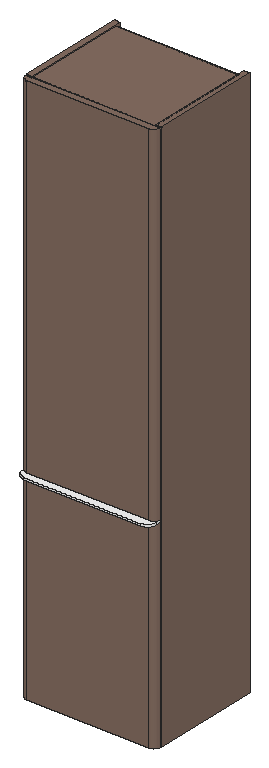
Revit family "tall cabinet, door hinge", category Furniture, Revit 2019 (continued)
Types (48, lengths in mm): name | Tall cabinet 400_350, door hinge right-54142700-Dark Walnut-MATT_WHITE-400_RX0RY0RZ0TX0TY0TZ0_V | Tall cabinet 400_350, door hinge right-54142700-Dark Walnut-MATT_WHITE-200_RX0RY0RZ0TX0TY0TZ0_V | Tall cabinet 400_350, door hinge right-54142670-Dark Walnut-MATT_BLACK-400_RX0RY0RZ0TX0TY0TZ0_V | Tall cabinet 400_350, door hinge right-54142670-Dark Walnut-MATT_BLACK-200_RX0RY0RZ0TX0TY0TZ0_V | Tall cabinet 400_350, door hinge right-54142000-Dark Walnut-CHROME-400_RX0RY0RZ0TX0TY0TZ0_V | Tall cabinet 400_350, door hinge right-54142000-Dark Walnut-CHROME-200_RX0RY0RZ0TX0TY0TZ0_V | Tall cabinet 400_350, door hinge right-54141700-Natural Oak-MATT_WHITE-400_RX0RY0RZ0TX0TY0TZ0_V | Tall cabinet 400_350, door hinge right-54141700-Natural Oak-MATT_WHITE-200_RX0RY0RZ0TX0TY0TZ0_V | Tall cabinet 400_350, door hinge right-54141670-Natural Oak-MATT_BLACK-400_RX0RY0RZ0TX0TY0TZ0_V | Tall cabinet 400_350, door hinge right-54141670-Natural Oak-MATT_BLACK-200_RX0RY0RZ0TX0TY0TZ0_V | Tall cabinet 400_350, door hinge right-54141000-Natural Oak-CHROME-400_RX0RY0RZ0TX0TY0TZ0_V | Tall cabinet 400_350, door hinge right-54141000-Natural Oak-CHROME-200_RX0RY0RZ0TX0TY0TZ0_V | Tall cabinet 400_350, door hinge right-54140700-Diamond Matt Grey-MATT_WHITE-400_RX0RY0RZ0TX0TY0TZ0_V | Tall cabinet 400_350, door hinge right-54140700-Diamond Matt Grey-MATT_WHITE-200_RX0RY0RZ0TX0TY0TZ0_V | Tall cabinet 400_350, door hinge right-54140670-Diamond Matt Grey-MATT_BLACK-400_RX0RY0RZ0TX0TY0TZ0_V | Tall cabinet 400_350, door hinge right-54140670-Diamond Matt Grey-MATT_BLACK-200_RX0RY0RZ0TX0TY0TZ0_V | Tall cabinet 400_350, door hinge right-54140000-Diamond Matt Grey-CHROME-400_RX0RY0RZ0TX0TY0TZ0_V | Tall cabinet 400_350, door hinge right-54140000-Diamond Matt Grey-CHROME-200_RX0RY0RZ0TX0TY0TZ0_V | Tall cabinet 400_350, door hinge right-54139700-High Gloss White-MATT_WHITE-400_RX0RY0RZ0TX0TY0TZ0_V | Tall cabinet 400_350, door hinge right-54139700-High Gloss White-MATT_WHITE-200_RX0RY0RZ0TX0TY0TZ0_V | Tall cabinet 400_350, door hinge right-54139670-High Gloss White-MATT_BLACK-400_RX0RY0RZ0TX0TY0TZ0_V | Tall cabinet 400_350, door hinge right-54139670-High Gloss White-MATT_BLACK-200_RX0RY0RZ0TX0TY0TZ0_V | Tall cabinet 400_350, door hinge right-54139000-High Gloss White-CHROME-400_RX0RY0RZ0TX0TY0TZ0_V | Tall cabinet 400_350, door hinge right-54139000-High Gloss White-CHROME-200_RX0RY0RZ0TX0TY0TZ0_V | Tall cabinet 400_350, door hinge left-54138700-Dark Walnut-MATT_WHITE-400_RX0RY0RZ0TX0TY0TZ0_V | Tall cabinet 400_350, door hinge left-54138700-Dark Walnut-MATT_WHITE-200_RX0RY0RZ0TX0TY0TZ0_V | Tall cabinet 400_350, door hinge left-54138670-Dark Walnut-MATT_BLACK-400_RX0RY0RZ0TX0TY0TZ0_V | Tall cabinet 400_350, door hinge left-54138670-Dark Walnut-MATT_BLACK-200_RX0RY0RZ0TX0TY0TZ0_V | Tall cabinet 400_350, door hinge left-54138000-Dark Walnut-CHROME-400_RX0RY0RZ0TX0TY0TZ0_V | Tall cabinet 400_350, door hinge left-54138000-Dark Walnut-CHROME-200_RX0RY0RZ0TX0TY0TZ0_V | Tall cabinet 400_350, door hinge left-54137700-Natural Oak-MATT_WHITE-400_RX0RY0RZ0TX0TY0TZ0_V | Tall cabinet 400_350, door hinge left-54137700-Natural Oak-MATT_WHITE-200_RX0RY0RZ0TX0TY0TZ0_V | Tall cabinet 400_350, door hinge left-54137670-Natural Oak-MATT_BLACK-400_RX0RY0RZ0TX0TY0TZ0_V | Tall cabinet 400_350, door hinge left-54137670-Natural Oak-MATT_BLACK-200_RX0RY0RZ0TX0TY0TZ0_V | Tall cabinet 400_350, door hinge left-54137000-Natural Oak-CHROME-400_RX0RY0RZ0TX0TY0TZ0_V | Tall cabinet 400_350, door hinge left-54137000-Natural Oak-CHROME-200_RX0RY0RZ0TX0TY0TZ0_V | Tall cabinet 400_350, door hinge left-54136700-Diamond Matt Grey-MATT_WHITE-400_RX0RY0RZ0TX0TY0TZ0_V | Tall cabinet 400_350, door hinge left-54136700-Diamond Matt Grey-MATT_WHITE-200_RX0RY0RZ0TX0TY0TZ0_V | Tall cabinet 400_350, door hinge left-54136670-Diamond Matt Grey-MATT_BLACK-400_RX0RY0RZ0TX0TY0TZ0_V | Tall cabinet 400_350, door hinge left-54136670-Diamond Matt Grey-MATT_BLACK-200_RX0RY0RZ0TX0TY0TZ0_V | Tall cabinet 400_350, door hinge left-54136000-Diamond Matt Grey-CHROME-400_RX0RY0RZ0TX0TY0TZ0_V | Tall cabinet 400_350, door hinge left-54136000-Diamond Matt Grey-CHROME-200_RX0RY0RZ0TX0TY0TZ0_V | Tall cabinet 400_350, door hinge left-54135700-High Gloss White-MATT_WHITE-400_RX0RY0RZ0TX0TY0TZ0_V | Tall cabinet 400_350, door hinge left-54135700-High Gloss White-MATT_WHITE-200_RX0RY0RZ0TX0TY0TZ0_V | Tall cabinet 400_350, door hinge left-54135670-High Gloss White-MATT_BLACK-400_RX0RY0RZ0TX0TY0TZ0_V | Tall cabinet 400_350, door hinge left-54135670-High Gloss White-MATT_BLACK-200_RX0RY0RZ0TX0TY0TZ0_V | Tall cabinet 400_350, door hinge left-54135000-High Gloss White-CHROME-400_RX0RY0RZ0TX0TY0TZ0_V | Tall cabinet 400_350, door hinge left-54135000-High Gloss White-CHROME-200_RX0RY0RZ0TX0TY0TZ0_V | SURFACE | SPECIFICATION | PRODUCTURL | PERMALINK | OBERFLAECHE | NB | NAME | Model | MIdent | LODLEVEL | LINA | GTINCODE | BASENUMBER | ARTNR
  Tall cabinet 400_350, door hinge left-54135670-High Gloss White-MATT_BLACK-400 | no | no | no | no | no | no | no | no | no | no | no | no | no | no | no | no | no | no | no | no | no | no | no | no | no | no | no | no | no | no | no | no | no | no | no | no | no | no | no | no | no | no | no | no | yes | no | no | no | "MATT_BLACK" | "Surfaces:    - 54135000 Chrome  - 54135670 Matt Black  - 54135700 Matt White      Specification:    • door hinge: left   • with integrated handle bar  • opening type: door   • material handles: aluminium" | "https://pro.hansgrohe.com/articledetail--54135000" | "54135XXX" | "High Gloss White" | "Tall cabinet 400/350, door hinge left-54135670-High Gloss White-MATT_BLACK-400" | "Xelu Q Tall cabinet High Gloss White 400/350, door hinge left" | "Tall cabinet 400/350, door hinge left-54135670-High Gloss White-MATT_BLACK-400" | "{$CADENAS_DATA/23d-libs/hansgrohe/xelu_furniture/tall_cabinet_door_hinge/tall_cabinet_door_hinge.prj},322 {VTYP=3D},{NB=Tall cabinet 400/350, door hinge left-54135670-High Gloss White-MATT_BLACK-400},{LINA=Tall cabinet 400/350, door hinge left-54135670-High Gloss White-MATT_BLACK-400},{NN=Tall cabinet, door hinge},{DATE=08.03.2023 13:45:00},{GEOMDATE=08.03.2023 13:44:17},{VERSION=},{LINEID=20},{WBVAR=LODLEVEL},{WBNUMERIC=}  {NB=Tall cabinet 400/350, door hinge left-54135670-High Gloss White-MATT_BLACK-400},{LINA=Tall cabinet 400/350, door hinge left-54135670-High Gloss White-MATT_BLACK-400},{KT=DUMMY},{IDNR=2},{ARTNR=54135670},{BASENUMBER=Tall cabinet 400/350, door hinge left},{MODEL=54135XXX},{OBERFLAECHE=High Gloss White},{SURFACE=MATT_BLACK},{L=400},{LODLEVEL=400},{LODLEVELX='400','400','200','200'},{NAME=Xelu Q Tall cabinet High Gloss White 400/350, door hinge left},{PERMALINK=54135XXX},{OBJECTTYPE=Object (single object)},{BIMOBJECT=Sanitary: Compound units},{PRODUCTFAMILY=Xelu Q},{PRODUCTGROUP=bathroom vanity},{WEIGHT=36.9},{DESCRIPTION=Xelu Q Tall cabinet High Gloss White 400/350, door hinge left},{SPECIFICATION=Surfaces:    - 54135000 Chrome  - 54135670 Matt Black  - 54135700 Matt White      Specification:    • door hinge: left   • with integrated handle bar  • opening type: door   • material handles: aluminium},{PRODUCTURL=https://pro.hansgrohe.com/articledetail--54135000},{GTINCODE=4059625458334},{TENDERURL=},{IFC=Furnishing element},{ETIM=EC011381 | Bathroom furniture set},{UNICLASS2015=Pr_40_30_78_05 | Bathroom furniture},{OMNICLASS=23-21 19 15 33 13 | Residential Bathroom Specialty Casework},{MASTERFORMAT=12 35 30.23 | Bathroom Casework},{UNSPSC=56 | Furniture and Furnishings},{UNIFORMATII=E2010 | Fixed Furnishings},{REGIONSET=Worldwide},{DESIGN=Germany},{MANUFACTURER=Germany}" | "400" | "Tall cabinet 400/350, door hinge left-54135670-High Gloss White-MATT_BLACK-400" | "4059625458334" | "Tall cabinet 400/350, door hinge left" | "54135670"
  Tall cabinet 400_350, door hinge left-54135700-High Gloss White-MATT_WHITE-200 | no | no | no | no | no | no | no | no | no | no | no | no | no | no | no | no | no | no | no | no | no | no | no | no | no | no | no | no | no | no | no | no | no | no | no | no | no | no | no | no | no | no | no | yes | no | no | no | no | "MATT_WHITE" | "Surfaces:    - 54135000 Chrome  - 54135670 Matt Black  - 54135700 Matt White      Specification:    • door hinge: left   • with integrated handle bar  • opening type: door   • material handles: aluminium" | "https://pro.hansgrohe.com/articledetail--54135000" | "54135XXX" | "High Gloss White" | "Tall cabinet 400/350, door hinge left-54135700-High Gloss White-MATT_WHITE-200" | "Xelu Q Tall cabinet High Gloss White 400/350, door hinge left" | "Tall cabinet 400/350, door hinge left-54135700-High Gloss White-MATT_WHITE-200" | "{$CADENAS_DATA/23d-libs/hansgrohe/xelu_furniture/tall_cabinet_door_hinge/tall_cabinet_door_hinge.prj},322 {VTYP=3D},{NB=Tall cabinet 400/350, door hinge left-54135700-High Gloss White-MATT_WHITE-200},{LINA=Tall cabinet 400/350, door hinge left-54135700-High Gloss White-MATT_WHITE-200},{NN=Tall cabinet, door hinge},{DATE=08.03.2023 13:45:00},{GEOMDATE=08.03.2023 13:44:17},{VERSION=},{LINEID=10},{WBVAR=LODLEVEL},{WBNUMERIC=}  {NB=Tall cabinet 400/350, door hinge left-54135700-High Gloss White-MATT_WHITE-200},{LINA=Tall cabinet 400/350, door hinge left-54135700-High Gloss White-MATT_WHITE-200},{KT=DUMMY},{IDNR=1},{ARTNR=54135700},{BASENUMBER=Tall cabinet 400/350, door hinge left},{MODEL=54135XXX},{OBERFLAECHE=High Gloss White},{SURFACE=MATT_WHITE},{L=400},{LODLEVEL=200},{LODLEVELX='400','400','200','200'},{NAME=Xelu Q Tall cabinet High Gloss White 400/350, door hinge left},{PERMALINK=54135XXX},{OBJECTTYPE=Object (single object)},{BIMOBJECT=Sanitary: Compound units},{PRODUCTFAMILY=Xelu Q},{PRODUCTGROUP=bathroom vanity},{WEIGHT=36.9},{DESCRIPTION=Xelu Q Tall cabinet High Gloss White 400/350, door hinge left},{SPECIFICATION=Surfaces:    - 54135000 Chrome  - 54135670 Matt Black  - 54135700 Matt White      Specification:    • door hinge: left   • with integrated handle bar  • opening type: door   • material handles: aluminium},{PRODUCTURL=https://pro.hansgrohe.com/articledetail--54135000},{GTINCODE=4059625458334},{TENDERURL=},{IFC=Furnishing element},{ETIM=EC011381 | Bathroom furniture set},{UNICLASS2015=Pr_40_30_78_05 | Bathroom furniture},{OMNICLASS=23-21 19 15 33 13 | Residential Bathroom Specialty Casework},{MASTERFORMAT=12 35 30.23 | Bathroom Casework},{UNSPSC=56 | Furniture and Furnishings},{UNIFORMATII=E2010 | Fixed Furnishings},{REGIONSET=Worldwide},{DESIGN=Germany},{MANUFACTURER=Germany}" | "200" | "Tall cabinet 400/350, door hinge left-54135700-High Gloss White-MATT_WHITE-200" | "4059625458334" | "Tall cabinet 400/350, door hinge left" | "54135700"
  Tall cabinet 400_350, door hinge left-54135700-High Gloss White-MATT_WHITE-400 | no | no | no | no | no | no | no | no | no | no | no | no | no | no | no | no | no | no | no | no | no | no | no | no | no | no | no | no | no | no | no | no | no | no | no | no | no | no | no | no | no | no | yes | no | no | no | no | no | "MATT_WHITE" | "Surfaces:    - 54135000 Chrome  - 54135670 Matt Black  - 54135700 Matt White      Specification:    • door hinge: left   • with integrated handle bar  • opening type: door   • material handles: aluminium" | "https://pro.hansgrohe.com/articledetail--54135000" | "54135XXX" | "High Gloss White" | "Tall cabinet 400/350, door hinge left-54135700-High Gloss White-MATT_WHITE-400" | "Xelu Q Tall cabinet High Gloss White 400/350, door hinge left" | "Tall cabinet 400/350, door hinge left-54135700-High Gloss White-MATT_WHITE-400" | "{$CADENAS_DATA/23d-libs/hansgrohe/xelu_furniture/tall_cabinet_door_hinge/tall_cabinet_door_hinge.prj},322 {VTYP=3D},{NB=Tall cabinet 400/350, door hinge left-54135700-High Gloss White-MATT_WHITE-400},{LINA=Tall cabinet 400/350, door hinge left-54135700-High Gloss White-MATT_WHITE-400},{NN=Tall cabinet, door hinge},{DATE=08.03.2023 13:45:00},{GEOMDATE=08.03.2023 13:44:17},{VERSION=},{LINEID=10},{WBVAR=LODLEVEL},{WBNUMERIC=}  {NB=Tall cabinet 400/350, door hinge left-54135700-High Gloss White-MATT_WHITE-400},{LINA=Tall cabinet 400/350, door hinge left-54135700-High Gloss White-MATT_WHITE-400},{KT=DUMMY},{IDNR=1},{ARTNR=54135700},{BASENUMBER=Tall cabinet 400/350, door hinge left},{MODEL=54135XXX},{OBERFLAECHE=High Gloss White},{SURFACE=MATT_WHITE},{L=400},{LODLEVEL=400},{LODLEVELX='400','400','200','200'},{NAME=Xelu Q Tall cabinet High Gloss White 400/350, door hinge left},{PERMALINK=54135XXX},{OBJECTTYPE=Object (single object)},{BIMOBJECT=Sanitary: Compound units},{PRODUCTFAMILY=Xelu Q},{PRODUCTGROUP=bathroom vanity},{WEIGHT=36.9},{DESCRIPTION=Xelu Q Tall cabinet High Gloss White 400/350, door hinge left},{SPECIFICATION=Surfaces:    - 54135000 Chrome  - 54135670 Matt Black  - 54135700 Matt White      Specification:    • door hinge: left   • with integrated handle bar  • opening type: door   • material handles: aluminium},{PRODUCTURL=https://pro.hansgrohe.com/articledetail--54135000},{GTINCODE=4059625458334},{TENDERURL=},{IFC=Furnishing element},{ETIM=EC011381 | Bathroom furniture set},{UNICLASS2015=Pr_40_30_78_05 | Bathroom furniture},{OMNICLASS=23-21 19 15 33 13 | Residential Bathroom Specialty Casework},{MASTERFORMAT=12 35 30.23 | Bathroom Casework},{UNSPSC=56 | Furniture and Furnishings},{UNIFORMATII=E2010 | Fixed Furnishings},{REGIONSET=Worldwide},{DESIGN=Germany},{MANUFACTURER=Germany}" | "400" | "Tall cabinet 400/350, door hinge left-54135700-High Gloss White-MATT_WHITE-400" | "4059625458334" | "Tall cabinet 400/350, door hinge left" | "54135700"
  Tall cabinet 400_350, door hinge left-54136000-Diamond Matt Grey-CHROME-200 | no | no | no | no | no | no | no | no | no | no | no | no | no | no | no | no | no | no | no | no | no | no | no | no | no | no | no | no | no | no | no | no | no | no | no | no | no | no | no | no | no | yes | no | no | no | no | no | no | "CHROME" | "Surfaces:    - 54136000 Chrome  - 54136670 Matt Black  - 54136700 Matt White      Specification:" | "https://pro.hansgrohe.com/articledetail--54136000" | "54136XXX" | "Diamond Matt Grey" | "Tall cabinet 400/350, door hinge left-54136000-Diamond Matt Grey-CHROME-200" | "Xelu Q Tall cabinet Diamond Matt Grey 400/350, door hinge left" | "Tall cabinet 400/350, door hinge left-54136000-Diamond Matt Grey-CHROME-200" | "{$CADENAS_DATA/23d-libs/hansgrohe/xelu_furniture/tall_cabinet_door_hinge/tall_cabinet_door_hinge.prj},316 {VTYP=3D},{NB=Tall cabinet 400/350, door hinge left-54136000-Diamond Matt Grey-CHROME-200},{LINA=Tall cabinet 400/350, door hinge left-54136000-Diamond Matt Grey-CHROME-200},{NN=Tall cabinet, door hinge},{DATE=08.03.2023 13:45:00},{GEOMDATE=08.03.2023 13:44:17},{VERSION=},{LINEID=50},{WBVAR=LODLEVEL},{WBNUMERIC=}  {NB=Tall cabinet 400/350, door hinge left-54136000-Diamond Matt Grey-CHROME-200},{LINA=Tall cabinet 400/350, door hinge left-54136000-Diamond Matt Grey-CHROME-200},{KT=DUMMY},{IDNR=5},{ARTNR=54136000},{BASENUMBER=Tall cabinet 400/350, door hinge left},{MODEL=54136XXX},{OBERFLAECHE=Diamond Matt Grey},{SURFACE=CHROME},{L=400},{LODLEVEL=200},{LODLEVELX='400','400','200','200'},{NAME=Xelu Q Tall cabinet Diamond Matt Grey 400/350, door hinge left},{PERMALINK=54136XXX},{OBJECTTYPE=Object (single object)},{BIMOBJECT=Sanitary: Compound units},{PRODUCTFAMILY=Xelu Q},{PRODUCTGROUP=bathroom vanity},{WEIGHT=36.9},{DESCRIPTION=Xelu Q Tall cabinet Diamond Matt Grey 400/350, door hinge left},{SPECIFICATION=Surfaces:    - 54136000 Chrome  - 54136670 Matt Black  - 54136700 Matt White      Specification:},{PRODUCTURL=https://pro.hansgrohe.com/articledetail--54136000},{GTINCODE=4059625458303},{TENDERURL=},{IFC=Furnishing element},{ETIM=EC011381 | Bathroom furniture set},{UNICLASS2015=Pr_40_30_78_05 | Bathroom furniture},{OMNICLASS=23-21 19 15 33 13 | Residential Bathroom Specialty Casework},{MASTERFORMAT=12 35 30.23 | Bathroom Casework},{UNSPSC=56 | Furniture and Furnishings},{UNIFORMATII=E2010 | Fixed Furnishings},{REGIONSET=Worldwide},{DESIGN=Germany},{MANUFACTURER=Germany}" | "200" | "Tall cabinet 400/350, door hinge left-54136000-Diamond Matt Grey-CHROME-200" | "4059625458303" | "Tall cabinet 400/350, door hinge left" | "54136000"
  Tall cabinet 400_350, door hinge left-54136000-Diamond Matt Grey-CHROME-400 | no | no | no | no | no | no | no | no | no | no | no | no | no | no | no | no | no | no | no | no | no | no | no | no | no | no | no | no | no | no | no | no | no | no | no | no | no | no | no | no | yes | no | no | no | no | no | no | no | "CHROME" | "Surfaces:    - 54136000 Chrome  - 54136670 Matt Black  - 54136700 Matt White      Specification:" | "https://pro.hansgrohe.com/articledetail--54136000" | "54136XXX" | "Diamond Matt Grey" | "Tall cabinet 400/350, door hinge left-54136000-Diamond Matt Grey-CHROME-400" | "Xelu Q Tall cabinet Diamond Matt Grey 400/350, door hinge left" | "Tall cabinet 400/350, door hinge left-54136000-Diamond Matt Grey-CHROME-400" | "{$CADENAS_DATA/23d-libs/hansgrohe/xelu_furniture/tall_cabinet_door_hinge/tall_cabinet_door_hinge.prj},316 {VTYP=3D},{NB=Tall cabinet 400/350, door hinge left-54136000-Diamond Matt Grey-CHROME-400},{LINA=Tall cabinet 400/350, door hinge left-54136000-Diamond Matt Grey-CHROME-400},{NN=Tall cabinet, door hinge},{DATE=08.03.2023 13:45:00},{GEOMDATE=08.03.2023 13:44:17},{VERSION=},{LINEID=50},{WBVAR=LODLEVEL},{WBNUMERIC=}  {NB=Tall cabinet 400/350, door hinge left-54136000-Diamond Matt Grey-CHROME-400},{LINA=Tall cabinet 400/350, door hinge left-54136000-Diamond Matt Grey-CHROME-400},{KT=DUMMY},{IDNR=5},{ARTNR=54136000},{BASENUMBER=Tall cabinet 400/350, door hinge left},{MODEL=54136XXX},{OBERFLAECHE=Diamond Matt Grey},{SURFACE=CHROME},{L=400},{LODLEVEL=400},{LODLEVELX='400','400','200','200'},{NAME=Xelu Q Tall cabinet Diamond Matt Grey 400/350, door hinge left},{PERMALINK=54136XXX},{OBJECTTYPE=Object (single object)},{BIMOBJECT=Sanitary: Compound units},{PRODUCTFAMILY=Xelu Q},{PRODUCTGROUP=bathroom vanity},{WEIGHT=36.9},{DESCRIPTION=Xelu Q Tall cabinet Diamond Matt Grey 400/350, door hinge left},{SPECIFICATION=Surfaces:    - 54136000 Chrome  - 54136670 Matt Black  - 54136700 Matt White      Specification:},{PRODUCTURL=https://pro.hansgrohe.com/articledetail--54136000},{GTINCODE=4059625458303},{TENDERURL=},{IFC=Furnishing element},{ETIM=EC011381 | Bathroom furniture set},{UNICLASS2015=Pr_40_30_78_05 | Bathroom furniture},{OMNICLASS=23-21 19 15 33 13 | Residential Bathroom Specialty Casework},{MASTERFORMAT=12 35 30.23 | Bathroom Casework},{UNSPSC=56 | Furniture and Furnishings},{UNIFORMATII=E2010 | Fixed Furnishings},{REGIONSET=Worldwide},{DESIGN=Germany},{MANUFACTURER=Germany}" | "400" | "Tall cabinet 400/350, door hinge left-54136000-Diamond Matt Grey-CHROME-400" | "4059625458303" | "Tall cabinet 400/350, door hinge left" | "54136000"
  Tall cabinet 400_350, door hinge left-54136670-Diamond Matt Grey-MATT_BLACK-200 | no | no | no | no | no | no | no | no | no | no | no | no | no | no | no | no | no | no | no | no | no | no | no | no | no | no | no | no | no | no | no | no | no | no | no | no | no | no | no | yes | no | no | no | no | no | no | no | no | "MATT_BLACK" | "Surfaces:    - 54136000 Chrome  - 54136670 Matt Black  - 54136700 Matt White      Specification:" | "https://pro.hansgrohe.com/articledetail--54136000" | "54136XXX" | "Diamond Matt Grey" | "Tall cabinet 400/350, door hinge left-54136670-Diamond Matt Grey-MATT_BLACK-200" | "Xelu Q Tall cabinet Diamond Matt Grey 400/350, door hinge left" | "Tall cabinet 400/350, door hinge left-54136670-Diamond Matt Grey-MATT_BLACK-200" | "{$CADENAS_DATA/23d-libs/hansgrohe/xelu_furniture/tall_cabinet_door_hinge/tall_cabinet_door_hinge.prj},324 {VTYP=3D},{NB=Tall cabinet 400/350, door hinge left-54136670-Diamond Matt Grey-MATT_BLACK-200},{LINA=Tall cabinet 400/350, door hinge left-54136670-Diamond Matt Grey-MATT_BLACK-200},{NN=Tall cabinet, door hinge},{DATE=08.03.2023 13:45:00},{GEOMDATE=08.03.2023 13:44:17},{VERSION=},{LINEID=60},{WBVAR=LODLEVEL},{WBNUMERIC=}  {NB=Tall cabinet 400/350, door hinge left-54136670-Diamond Matt Grey-MATT_BLACK-200},{LINA=Tall cabinet 400/350, door hinge left-54136670-Diamond Matt Grey-MATT_BLACK-200},{KT=DUMMY},{IDNR=6},{ARTNR=54136670},{BASENUMBER=Tall cabinet 400/350, door hinge left},{MODEL=54136XXX},{OBERFLAECHE=Diamond Matt Grey},{SURFACE=MATT_BLACK},{L=400},{LODLEVEL=200},{LODLEVELX='400','400','200','200'},{NAME=Xelu Q Tall cabinet Diamond Matt Grey 400/350, door hinge left},{PERMALINK=54136XXX},{OBJECTTYPE=Object (single object)},{BIMOBJECT=Sanitary: Compound units},{PRODUCTFAMILY=Xelu Q},{PRODUCTGROUP=bathroom vanity},{WEIGHT=36.9},{DESCRIPTION=Xelu Q Tall cabinet Diamond Matt Grey 400/350, door hinge left},{SPECIFICATION=Surfaces:    - 54136000 Chrome  - 54136670 Matt Black  - 54136700 Matt White      Specification:},{PRODUCTURL=https://pro.hansgrohe.com/articledetail--54136000},{GTINCODE=4059625458303},{TENDERURL=},{IFC=Furnishing element},{ETIM=EC011381 | Bathroom furniture set},{UNICLASS2015=Pr_40_30_78_05 | Bathroom furniture},{OMNICLASS=23-21 19 15 33 13 | Residential Bathroom Specialty Casework},{MASTERFORMAT=12 35 30.23 | Bathroom Casework},{UNSPSC=56 | Furniture and Furnishings},{UNIFORMATII=E2010 | Fixed Furnishings},{REGIONSET=Worldwide},{DESIGN=Germany},{MANUFACTURER=Germany}" | "200" | "Tall cabinet 400/350, door hinge left-54136670-Diamond Matt Grey-MATT_BLACK-200" | "4059625458303" | "Tall cabinet 400/350, door hinge left" | "54136670"
  Tall cabinet 400_350, door hinge left-54136670-Diamond Matt Grey-MATT_BLACK-400 | no | no | no | no | no | no | no | no | no | no | no | no | no | no | no | no | no | no | no | no | no | no | no | no | no | no | no | no | no | no | no | no | no | no | no | no | no | no | yes | no | no | no | no | no | no | no | no | no | "MATT_BLACK" | "Surfaces:    - 54136000 Chrome  - 54136670 Matt Black  - 54136700 Matt White      Specification:" | "https://pro.hansgrohe.com/articledetail--54136000" | "54136XXX" | "Diamond Matt Grey" | "Tall cabinet 400/350, door hinge left-54136670-Diamond Matt Grey-MATT_BLACK-400" | "Xelu Q Tall cabinet Diamond Matt Grey 400/350, door hinge left" | "Tall cabinet 400/350, door hinge left-54136670-Diamond Matt Grey-MATT_BLACK-400" | "{$CADENAS_DATA/23d-libs/hansgrohe/xelu_furniture/tall_cabinet_door_hinge/tall_cabinet_door_hinge.prj},324 {VTYP=3D},{NB=Tall cabinet 400/350, door hinge left-54136670-Diamond Matt Grey-MATT_BLACK-400},{LINA=Tall cabinet 400/350, door hinge left-54136670-Diamond Matt Grey-MATT_BLACK-400},{NN=Tall cabinet, door hinge},{DATE=08.03.2023 13:45:00},{GEOMDATE=08.03.2023 13:44:17},{VERSION=},{LINEID=60},{WBVAR=LODLEVEL},{WBNUMERIC=}  {NB=Tall cabinet 400/350, door hinge left-54136670-Diamond Matt Grey-MATT_BLACK-400},{LINA=Tall cabinet 400/350, door hinge left-54136670-Diamond Matt Grey-MATT_BLACK-400},{KT=DUMMY},{IDNR=6},{ARTNR=54136670},{BASENUMBER=Tall cabinet 400/350, door hinge left},{MODEL=54136XXX},{OBERFLAECHE=Diamond Matt Grey},{SURFACE=MATT_BLACK},{L=400},{LODLEVEL=400},{LODLEVELX='400','400','200','200'},{NAME=Xelu Q Tall cabinet Diamond Matt Grey 400/350, door hinge left},{PERMALINK=54136XXX},{OBJECTTYPE=Object (single object)},{BIMOBJECT=Sanitary: Compound units},{PRODUCTFAMILY=Xelu Q},{PRODUCTGROUP=bathroom vanity},{WEIGHT=36.9},{DESCRIPTION=Xelu Q Tall cabinet Diamond Matt Grey 400/350, door hinge left},{SPECIFICATION=Surfaces:    - 54136000 Chrome  - 54136670 Matt Black  - 54136700 Matt White      Specification:},{PRODUCTURL=https://pro.hansgrohe.com/articledetail--54136000},{GTINCODE=4059625458303},{TENDERURL=},{IFC=Furnishing element},{ETIM=EC011381 | Bathroom furniture set},{UNICLASS2015=Pr_40_30_78_05 | Bathroom furniture},{OMNICLASS=23-21 19 15 33 13 | Residential Bathroom Specialty Casework},{MASTERFORMAT=12 35 30.23 | Bathroom Casework},{UNSPSC=56 | Furniture and Furnishings},{UNIFORMATII=E2010 | Fixed Furnishings},{REGIONSET=Worldwide},{DESIGN=Germany},{MANUFACTURER=Germany}" | "400" | "Tall cabinet 400/350, door hinge left-54136670-Diamond Matt Grey-MATT_BLACK-400" | "4059625458303" | "Tall cabinet 400/350, door hinge left" | "54136670"
  Tall cabinet 400_350, door hinge left-54136700-Diamond Matt Grey-MATT_WHITE-200 | no | no | no | no | no | no | no | no | no | no | no | no | no | no | no | no | no | no | no | no | no | no | no | no | no | no | no | no | no | no | no | no | no | no | no | no | no | yes | no | no | no | no | no | no | no | no | no | no | "MATT_WHITE" | "Surfaces:    - 54136000 Chrome  - 54136670 Matt Black  - 54136700 Matt White      Specification:" | "https://pro.hansgrohe.com/articledetail--54136000" | "54136XXX" | "Diamond Matt Grey" | "Tall cabinet 400/350, door hinge left-54136700-Diamond Matt Grey-MATT_WHITE-200" | "Xelu Q Tall cabinet Diamond Matt Grey 400/350, door hinge left" | "Tall cabinet 400/350, door hinge left-54136700-Diamond Matt Grey-MATT_WHITE-200" | "{$CADENAS_DATA/23d-libs/hansgrohe/xelu_furniture/tall_cabinet_door_hinge/tall_cabinet_door_hinge.prj},324 {VTYP=3D},{NB=Tall cabinet 400/350, door hinge left-54136700-Diamond Matt Grey-MATT_WHITE-200},{LINA=Tall cabinet 400/350, door hinge left-54136700-Diamond Matt Grey-MATT_WHITE-200},{NN=Tall cabinet, door hinge},{DATE=08.03.2023 13:45:00},{GEOMDATE=08.03.2023 13:44:17},{VERSION=},{LINEID=40},{WBVAR=LODLEVEL},{WBNUMERIC=}  {NB=Tall cabinet 400/350, door hinge left-54136700-Diamond Matt Grey-MATT_WHITE-200},{LINA=Tall cabinet 400/350, door hinge left-54136700-Diamond Matt Grey-MATT_WHITE-200},{KT=DUMMY},{IDNR=4},{ARTNR=54136700},{BASENUMBER=Tall cabinet 400/350, door hinge left},{MODEL=54136XXX},{OBERFLAECHE=Diamond Matt Grey},{SURFACE=MATT_WHITE},{L=400},{LODLEVEL=200},{LODLEVELX='400','400','200','200'},{NAME=Xelu Q Tall cabinet Diamond Matt Grey 400/350, door hinge left},{PERMALINK=54136XXX},{OBJECTTYPE=Object (single object)},{BIMOBJECT=Sanitary: Compound units},{PRODUCTFAMILY=Xelu Q},{PRODUCTGROUP=bathroom vanity},{WEIGHT=36.9},{DESCRIPTION=Xelu Q Tall cabinet Diamond Matt Grey 400/350, door hinge left},{SPECIFICATION=Surfaces:    - 54136000 Chrome  - 54136670 Matt Black  - 54136700 Matt White      Specification:},{PRODUCTURL=https://pro.hansgrohe.com/articledetail--54136000},{GTINCODE=4059625458303},{TENDERURL=},{IFC=Furnishing element},{ETIM=EC011381 | Bathroom furniture set},{UNICLASS2015=Pr_40_30_78_05 | Bathroom furniture},{OMNICLASS=23-21 19 15 33 13 | Residential Bathroom Specialty Casework},{MASTERFORMAT=12 35 30.23 | Bathroom Casework},{UNSPSC=56 | Furniture and Furnishings},{UNIFORMATII=E2010 | Fixed Furnishings},{REGIONSET=Worldwide},{DESIGN=Germany},{MANUFACTURER=Germany}" | "200" | "Tall cabinet 400/350, door hinge left-54136700-Diamond Matt Grey-MATT_WHITE-200" | "4059625458303" | "Tall cabinet 400/350, door hinge left" | "54136700"
  Tall cabinet 400_350, door hinge left-54136700-Diamond Matt Grey-MATT_WHITE-400 | no | no | no | no | no | no | no | no | no | no | no | no | no | no | no | no | no | no | no | no | no | no | no | no | no | no | no | no | no | no | no | no | no | no | no | no | yes | no | no | no | no | no | no | no | no | no | no | no | "MATT_WHITE" | "Surfaces:    - 54136000 Chrome  - 54136670 Matt Black  - 54136700 Matt White      Specification:" | "https://pro.hansgrohe.com/articledetail--54136000" | "54136XXX" | "Diamond Matt Grey" | "Tall cabinet 400/350, door hinge left-54136700-Diamond Matt Grey-MATT_WHITE-400" | "Xelu Q Tall cabinet Diamond Matt Grey 400/350, door hinge left" | "Tall cabinet 400/350, door hinge left-54136700-Diamond Matt Grey-MATT_WHITE-400" | "{$CADENAS_DATA/23d-libs/hansgrohe/xelu_furniture/tall_cabinet_door_hinge/tall_cabinet_door_hinge.prj},324 {VTYP=3D},{NB=Tall cabinet 400/350, door hinge left-54136700-Diamond Matt Grey-MATT_WHITE-400},{LINA=Tall cabinet 400/350, door hinge left-54136700-Diamond Matt Grey-MATT_WHITE-400},{NN=Tall cabinet, door hinge},{DATE=08.03.2023 13:45:00},{GEOMDATE=08.03.2023 13:44:17},{VERSION=},{LINEID=40},{WBVAR=LODLEVEL},{WBNUMERIC=}  {NB=Tall cabinet 400/350, door hinge left-54136700-Diamond Matt Grey-MATT_WHITE-400},{LINA=Tall cabinet 400/350, door hinge left-54136700-Diamond Matt Grey-MATT_WHITE-400},{KT=DUMMY},{IDNR=4},{ARTNR=54136700},{BASENUMBER=Tall cabinet 400/350, door hinge left},{MODEL=54136XXX},{OBERFLAECHE=Diamond Matt Grey},{SURFACE=MATT_WHITE},{L=400},{LODLEVEL=400},{LODLEVELX='400','400','200','200'},{NAME=Xelu Q Tall cabinet Diamond Matt Grey 400/350, door hinge left},{PERMALINK=54136XXX},{OBJECTTYPE=Object (single object)},{BIMOBJECT=Sanitary: Compound units},{PRODUCTFAMILY=Xelu Q},{PRODUCTGROUP=bathroom vanity},{WEIGHT=36.9},{DESCRIPTION=Xelu Q Tall cabinet Diamond Matt Grey 400/350, door hinge left},{SPECIFICATION=Surfaces:    - 54136000 Chrome  - 54136670 Matt Black  - 54136700 Matt White      Specification:},{PRODUCTURL=https://pro.hansgrohe.com/articledetail--54136000},{GTINCODE=4059625458303},{TENDERURL=},{IFC=Furnishing element},{ETIM=EC011381 | Bathroom furniture set},{UNICLASS2015=Pr_40_30_78_05 | Bathroom furniture},{OMNICLASS=23-21 19 15 33 13 | Residential Bathroom Specialty Casework},{MASTERFORMAT=12 35 30.23 | Bathroom Casework},{UNSPSC=56 | Furniture and Furnishings},{UNIFORMATII=E2010 | Fixed Furnishings},{REGIONSET=Worldwide},{DESIGN=Germany},{MANUFACTURER=Germany}" | "400" | "Tall cabinet 400/350, door hinge left-54136700-Diamond Matt Grey-MATT_WHITE-400" | "4059625458303" | "Tall cabinet 400/350, door hinge left" | "54136700"
  Tall cabinet 400_350, door hinge left-54137000-Natural Oak-CHROME-200 | no | no | no | no | no | no | no | no | no | no | no | no | no | no | no | no | no | no | no | no | no | no | no | no | no | no | no | no | no | no | no | no | no | no | no | yes | no | no | no | no | no | no | no | no | no | no | no | no | "CHROME" | "Surfaces:    - 54137000 Chrome  - 54137670 Matt Black  - 54137700 Matt White      Specification:" | "https://pro.hansgrohe.com/articledetail--54137000" | "54137XXX" | "Natural Oak" | "Tall cabinet 400/350, door hinge left-54137000-Natural Oak-CHROME-200" | "Xelu Q Tall cabinet Natural Oak 400/350, door hinge left" | "Tall cabinet 400/350, door hinge left-54137000-Natural Oak-CHROME-200" | "{$CADENAS_DATA/23d-libs/hansgrohe/xelu_furniture/tall_cabinet_door_hinge/tall_cabinet_door_hinge.prj},304 {VTYP=3D},{NB=Tall cabinet 400/350, door hinge left-54137000-Natural Oak-CHROME-200},{LINA=Tall cabinet 400/350, door hinge left-54137000-Natural Oak-CHROME-200},{NN=Tall cabinet, door hinge},{DATE=08.03.2023 13:45:00},{GEOMDATE=08.03.2023 13:44:17},{VERSION=},{LINEID=70},{WBVAR=LODLEVEL},{WBNUMERIC=}  {NB=Tall cabinet 400/350, door hinge left-54137000-Natural Oak-CHROME-200},{LINA=Tall cabinet 400/350, door hinge left-54137000-Natural Oak-CHROME-200},{KT=DUMMY},{IDNR=7},{ARTNR=54137000},{BASENUMBER=Tall cabinet 400/350, door hinge left},{MODEL=54137XXX},{OBERFLAECHE=Natural Oak},{SURFACE=CHROME},{L=400},{LODLEVEL=200},{LODLEVELX='400','400','200','200'},{NAME=Xelu Q Tall cabinet Natural Oak 400/350, door hinge left},{PERMALINK=54137XXX},{OBJECTTYPE=Object (single object)},{BIMOBJECT=Sanitary: Compound units},{PRODUCTFAMILY=Xelu Q},{PRODUCTGROUP=bathroom vanity},{WEIGHT=36.9},{DESCRIPTION=Xelu Q Tall cabinet Natural Oak 400/350, door hinge left},{SPECIFICATION=Surfaces:    - 54137000 Chrome  - 54137670 Matt Black  - 54137700 Matt White      Specification:},{PRODUCTURL=https://pro.hansgrohe.com/articledetail--54137000},{GTINCODE=4059625458273},{TENDERURL=},{IFC=Furnishing element},{ETIM=EC011381 | Bathroom furniture set},{UNICLASS2015=Pr_40_30_78_05 | Bathroom furniture},{OMNICLASS=23-21 19 15 33 13 | Residential Bathroom Specialty Casework},{MASTERFORMAT=12 35 30.23 | Bathroom Casework},{UNSPSC=56 | Furniture and Furnishings},{UNIFORMATII=E2010 | Fixed Furnishings},{REGIONSET=Worldwide},{DESIGN=Germany},{MANUFACTURER=Germany}" | "200" | "Tall cabinet 400/350, door hinge left-54137000-Natural Oak-CHROME-200" | "4059625458273" | "Tall cabinet 400/350, door hinge left" | "54137000"
  Tall cabinet 400_350, door hinge left-54137000-Natural Oak-CHROME-400 | no | no | no | no | no | no | no | no | no | no | no | no | no | no | no | no | no | no | no | no | no | no | no | no | no | no | no | no | no | no | no | no | no | no | yes | no | no | no | no | no | no | no | no | no | no | no | no | no | "CHROME" | "Surfaces:    - 54137000 Chrome  - 54137670 Matt Black  - 54137700 Matt White      Specification:" | "https://pro.hansgrohe.com/articledetail--54137000" | "54137XXX" | "Natural Oak" | "Tall cabinet 400/350, door hinge left-54137000-Natural Oak-CHROME-400" | "Xelu Q Tall cabinet Natural Oak 400/350, door hinge left" | "Tall cabinet 400/350, door hinge left-54137000-Natural Oak-CHROME-400" | "{$CADENAS_DATA/23d-libs/hansgrohe/xelu_furniture/tall_cabinet_door_hinge/tall_cabinet_door_hinge.prj},304 {VTYP=3D},{NB=Tall cabinet 400/350, door hinge left-54137000-Natural Oak-CHROME-400},{LINA=Tall cabinet 400/350, door hinge left-54137000-Natural Oak-CHROME-400},{NN=Tall cabinet, door hinge},{DATE=08.03.2023 13:45:00},{GEOMDATE=08.03.2023 13:44:17},{VERSION=},{LINEID=70},{WBVAR=LODLEVEL},{WBNUMERIC=}  {NB=Tall cabinet 400/350, door hinge left-54137000-Natural Oak-CHROME-400},{LINA=Tall cabinet 400/350, door hinge left-54137000-Natural Oak-CHROME-400},{KT=DUMMY},{IDNR=7},{ARTNR=54137000},{BASENUMBER=Tall cabinet 400/350, door hinge left},{MODEL=54137XXX},{OBERFLAECHE=Natural Oak},{SURFACE=CHROME},{L=400},{LODLEVEL=400},{LODLEVELX='400','400','200','200'},{NAME=Xelu Q Tall cabinet Natural Oak 400/350, door hinge left},{PERMALINK=54137XXX},{OBJECTTYPE=Object (single object)},{BIMOBJECT=Sanitary: Compound units},{PRODUCTFAMILY=Xelu Q},{PRODUCTGROUP=bathroom vanity},{WEIGHT=36.9},{DESCRIPTION=Xelu Q Tall cabinet Natural Oak 400/350, door hinge left},{SPECIFICATION=Surfaces:    - 54137000 Chrome  - 54137670 Matt Black  - 54137700 Matt White      Specification:},{PRODUCTURL=https://pro.hansgrohe.com/articledetail--54137000},{GTINCODE=4059625458273},{TENDERURL=},{IFC=Furnishing element},{ETIM=EC011381 | Bathroom furniture set},{UNICLASS2015=Pr_40_30_78_05 | Bathroom furniture},{OMNICLASS=23-21 19 15 33 13 | Residential Bathroom Specialty Casework},{MASTERFORMAT=12 35 30.23 | Bathroom Casework},{UNSPSC=56 | Furniture and Furnishings},{UNIFORMATII=E2010 | Fixed Furnishings},{REGIONSET=Worldwide},{DESIGN=Germany},{MANUFACTURER=Germany}" | "400" | "Tall cabinet 400/350, door hinge left-54137000-Natural Oak-CHROME-400" | "4059625458273" | "Tall cabinet 400/350, door hinge left" | "54137000"
  Tall cabinet 400_350, door hinge left-54137670-Natural Oak-MATT_BLACK-200 | no | no | no | no | no | no | no | no | no | no | no | no | no | no | no | no | no | no | no | no | no | no | no | no | no | no | no | no | no | no | no | no | no | yes | no | no | no | no | no | no | no | no | no | no | no | no | no | no | "MATT_BLACK" | "Surfaces:    - 54137000 Chrome  - 54137670 Matt Black  - 54137700 Matt White      Specification:" | "https://pro.hansgrohe.com/articledetail--54137000" | "54137XXX" | "Natural Oak" | "Tall cabinet 400/350, door hinge left-54137670-Natural Oak-MATT_BLACK-200" | "Xelu Q Tall cabinet Natural Oak 400/350, door hinge left" | "Tall cabinet 400/350, door hinge left-54137670-Natural Oak-MATT_BLACK-200" | "{$CADENAS_DATA/23d-libs/hansgrohe/xelu_furniture/tall_cabinet_door_hinge/tall_cabinet_door_hinge.prj},312 {VTYP=3D},{NB=Tall cabinet 400/350, door hinge left-54137670-Natural Oak-MATT_BLACK-200},{LINA=Tall cabinet 400/350, door hinge left-54137670-Natural Oak-MATT_BLACK-200},{NN=Tall cabinet, door hinge},{DATE=08.03.2023 13:45:00},{GEOMDATE=08.03.2023 13:44:17},{VERSION=},{LINEID=90},{WBVAR=LODLEVEL},{WBNUMERIC=}  {NB=Tall cabinet 400/350, door hinge left-54137670-Natural Oak-MATT_BLACK-200},{LINA=Tall cabinet 400/350, door hinge left-54137670-Natural Oak-MATT_BLACK-200},{KT=DUMMY},{IDNR=9},{ARTNR=54137670},{BASENUMBER=Tall cabinet 400/350, door hinge left},{MODEL=54137XXX},{OBERFLAECHE=Natural Oak},{SURFACE=MATT_BLACK},{L=400},{LODLEVEL=200},{LODLEVELX='400','400','200','200'},{NAME=Xelu Q Tall cabinet Natural Oak 400/350, door hinge left},{PERMALINK=54137XXX},{OBJECTTYPE=Object (single object)},{BIMOBJECT=Sanitary: Compound units},{PRODUCTFAMILY=Xelu Q},{PRODUCTGROUP=bathroom vanity},{WEIGHT=36.9},{DESCRIPTION=Xelu Q Tall cabinet Natural Oak 400/350, door hinge left},{SPECIFICATION=Surfaces:    - 54137000 Chrome  - 54137670 Matt Black  - 54137700 Matt White      Specification:},{PRODUCTURL=https://pro.hansgrohe.com/articledetail--54137000},{GTINCODE=4059625458273},{TENDERURL=},{IFC=Furnishing element},{ETIM=EC011381 | Bathroom furniture set},{UNICLASS2015=Pr_40_30_78_05 | Bathroom furniture},{OMNICLASS=23-21 19 15 33 13 | Residential Bathroom Specialty Casework},{MASTERFORMAT=12 35 30.23 | Bathroom Casework},{UNSPSC=56 | Furniture and Furnishings},{UNIFORMATII=E2010 | Fixed Furnishings},{REGIONSET=Worldwide},{DESIGN=Germany},{MANUFACTURER=Germany}" | "200" | "Tall cabinet 400/350, door hinge left-54137670-Natural Oak-MATT_BLACK-200" | "4059625458273" | "Tall cabinet 400/350, door hinge left" | "54137670"
  Tall cabinet 400_350, door hinge left-54137670-Natural Oak-MATT_BLACK-400 | no | no | no | no | no | no | no | no | no | no | no | no | no | no | no | no | no | no | no | no | no | no | no | no | no | no | no | no | no | no | no | no | yes | no | no | no | no | no | no | no | no | no | no | no | no | no | no | no | "MATT_BLACK" | "Surfaces:    - 54137000 Chrome  - 54137670 Matt Black  - 54137700 Matt White      Specification:" | "https://pro.hansgrohe.com/articledetail--54137000" | "54137XXX" | "Natural Oak" | "Tall cabinet 400/350, door hinge left-54137670-Natural Oak-MATT_BLACK-400" | "Xelu Q Tall cabinet Natural Oak 400/350, door hinge left" | "Tall cabinet 400/350, door hinge left-54137670-Natural Oak-MATT_BLACK-400" | "{$CADENAS_DATA/23d-libs/hansgrohe/xelu_furniture/tall_cabinet_door_hinge/tall_cabinet_door_hinge.prj},312 {VTYP=3D},{NB=Tall cabinet 400/350, door hinge left-54137670-Natural Oak-MATT_BLACK-400},{LINA=Tall cabinet 400/350, door hinge left-54137670-Natural Oak-MATT_BLACK-400},{NN=Tall cabinet, door hinge},{DATE=08.03.2023 13:45:00},{GEOMDATE=08.03.2023 13:44:17},{VERSION=},{LINEID=90},{WBVAR=LODLEVEL},{WBNUMERIC=}  {NB=Tall cabinet 400/350, door hinge left-54137670-Natural Oak-MATT_BLACK-400},{LINA=Tall cabinet 400/350, door hinge left-54137670-Natural Oak-MATT_BLACK-400},{KT=DUMMY},{IDNR=9},{ARTNR=54137670},{BASENUMBER=Tall cabinet 400/350, door hinge left},{MODEL=54137XXX},{OBERFLAECHE=Natural Oak},{SURFACE=MATT_BLACK},{L=400},{LODLEVEL=400},{LODLEVELX='400','400','200','200'},{NAME=Xelu Q Tall cabinet Natural Oak 400/350, door hinge left},{PERMALINK=54137XXX},{OBJECTTYPE=Object (single object)},{BIMOBJECT=Sanitary: Compound units},{PRODUCTFAMILY=Xelu Q},{PRODUCTGROUP=bathroom vanity},{WEIGHT=36.9},{DESCRIPTION=Xelu Q Tall cabinet Natural Oak 400/350, door hinge left},{SPECIFICATION=Surfaces:    - 54137000 Chrome  - 54137670 Matt Black  - 54137700 Matt White      Specification:},{PRODUCTURL=https://pro.hansgrohe.com/articledetail--54137000},{GTINCODE=4059625458273},{TENDERURL=},{IFC=Furnishing element},{ETIM=EC011381 | Bathroom furniture set},{UNICLASS2015=Pr_40_30_78_05 | Bathroom furniture},{OMNICLASS=23-21 19 15 33 13 | Residential Bathroom Specialty Casework},{MASTERFORMAT=12 35 30.23 | Bathroom Casework},{UNSPSC=56 | Furniture and Furnishings},{UNIFORMATII=E2010 | Fixed Furnishings},{REGIONSET=Worldwide},{DESIGN=Germany},{MANUFACTURER=Germany}" | "400" | "Tall cabinet 400/350, door hinge left-54137670-Natural Oak-MATT_BLACK-400" | "4059625458273" | "Tall cabinet 400/350, door hinge left" | "54137670"
  Tall cabinet 400_350, door hinge left-54137700-Natural Oak-MATT_WHITE-200 | no | no | no | no | no | no | no | no | no | no | no | no | no | no | no | no | no | no | no | no | no | no | no | no | no | no | no | no | no | no | no | yes | no | no | no | no | no | no | no | no | no | no | no | no | no | no | no | no | "MATT_WHITE" | "Surfaces:    - 54137000 Chrome  - 54137670 Matt Black  - 54137700 Matt White      Specification:" | "https://pro.hansgrohe.com/articledetail--54137000" | "54137XXX" | "Natural Oak" | "Tall cabinet 400/350, door hinge left-54137700-Natural Oak-MATT_WHITE-200" | "Xelu Q Tall cabinet Natural Oak 400/350, door hinge left" | "Tall cabinet 400/350, door hinge left-54137700-Natural Oak-MATT_WHITE-200" | "{$CADENAS_DATA/23d-libs/hansgrohe/xelu_furniture/tall_cabinet_door_hinge/tall_cabinet_door_hinge.prj},312 {VTYP=3D},{NB=Tall cabinet 400/350, door hinge left-54137700-Natural Oak-MATT_WHITE-200},{LINA=Tall cabinet 400/350, door hinge left-54137700-Natural Oak-MATT_WHITE-200},{NN=Tall cabinet, door hinge},{DATE=08.03.2023 13:45:00},{GEOMDATE=08.03.2023 13:44:17},{VERSION=},{LINEID=80},{WBVAR=LODLEVEL},{WBNUMERIC=}  {NB=Tall cabinet 400/350, door hinge left-54137700-Natural Oak-MATT_WHITE-200},{LINA=Tall cabinet 400/350, door hinge left-54137700-Natural Oak-MATT_WHITE-200},{KT=DUMMY},{IDNR=8},{ARTNR=54137700},{BASENUMBER=Tall cabinet 400/350, door hinge left},{MODEL=54137XXX},{OBERFLAECHE=Natural Oak},{SURFACE=MATT_WHITE},{L=400},{LODLEVEL=200},{LODLEVELX='400','400','200','200'},{NAME=Xelu Q Tall cabinet Natural Oak 400/350, door hinge left},{PERMALINK=54137XXX},{OBJECTTYPE=Object (single object)},{BIMOBJECT=Sanitary: Compound units},{PRODUCTFAMILY=Xelu Q},{PRODUCTGROUP=bathroom vanity},{WEIGHT=36.9},{DESCRIPTION=Xelu Q Tall cabinet Natural Oak 400/350, door hinge left},{SPECIFICATION=Surfaces:    - 54137000 Chrome  - 54137670 Matt Black  - 54137700 Matt White      Specification:},{PRODUCTURL=https://pro.hansgrohe.com/articledetail--54137000},{GTINCODE=4059625458273},{TENDERURL=},{IFC=Furnishing element},{ETIM=EC011381 | Bathroom furniture set},{UNICLASS2015=Pr_40_30_78_05 | Bathroom furniture},{OMNICLASS=23-21 19 15 33 13 | Residential Bathroom Specialty Casework},{MASTERFORMAT=12 35 30.23 | Bathroom Casework},{UNSPSC=56 | Furniture and Furnishings},{UNIFORMATII=E2010 | Fixed Furnishings},{REGIONSET=Worldwide},{DESIGN=Germany},{MANUFACTURER=Germany}" | "200" | "Tall cabinet 400/350, door hinge left-54137700-Natural Oak-MATT_WHITE-200" | "4059625458273" | "Tall cabinet 400/350, door hinge left" | "54137700"
  Tall cabinet 400_350, door hinge left-54137700-Natural Oak-MATT_WHITE-400 | no | no | no | no | no | no | no | no | no | no | no | no | no | no | no | no | no | no | no | no | no | no | no | no | no | no | no | no | no | no | yes | no | no | no | no | no | no | no | no | no | no | no | no | no | no | no | no | no | "MATT_WHITE" | "Surfaces:    - 54137000 Chrome  - 54137670 Matt Black  - 54137700 Matt White      Specification:" | "https://pro.hansgrohe.com/articledetail--54137000" | "54137XXX" | "Natural Oak" | "Tall cabinet 400/350, door hinge left-54137700-Natural Oak-MATT_WHITE-400" | "Xelu Q Tall cabinet Natural Oak 400/350, door hinge left" | "Tall cabinet 400/350, door hinge left-54137700-Natural Oak-MATT_WHITE-400" | "{$CADENAS_DATA/23d-libs/hansgrohe/xelu_furniture/tall_cabinet_door_hinge/tall_cabinet_door_hinge.prj},312 {VTYP=3D},{NB=Tall cabinet 400/350, door hinge left-54137700-Natural Oak-MATT_WHITE-400},{LINA=Tall cabinet 400/350, door hinge left-54137700-Natural Oak-MATT_WHITE-400},{NN=Tall cabinet, door hinge},{DATE=08.03.2023 13:45:00},{GEOMDATE=08.03.2023 13:44:17},{VERSION=},{LINEID=80},{WBVAR=LODLEVEL},{WBNUMERIC=}  {NB=Tall cabinet 400/350, door hinge left-54137700-Natural Oak-MATT_WHITE-400},{LINA=Tall cabinet 400/350, door hinge left-54137700-Natural Oak-MATT_WHITE-400},{KT=DUMMY},{IDNR=8},{ARTNR=54137700},{BASENUMBER=Tall cabinet 400/350, door hinge left},{MODEL=54137XXX},{OBERFLAECHE=Natural Oak},{SURFACE=MATT_WHITE},{L=400},{LODLEVEL=400},{LODLEVELX='400','400','200','200'},{NAME=Xelu Q Tall cabinet Natural Oak 400/350, door hinge left},{PERMALINK=54137XXX},{OBJECTTYPE=Object (single object)},{BIMOBJECT=Sanitary: Compound units},{PRODUCTFAMILY=Xelu Q},{PRODUCTGROUP=bathroom vanity},{WEIGHT=36.9},{DESCRIPTION=Xelu Q Tall cabinet Natural Oak 400/350, door hinge left},{SPECIFICATION=Surfaces:    - 54137000 Chrome  - 54137670 Matt Black  - 54137700 Matt White      Specification:},{PRODUCTURL=https://pro.hansgrohe.com/articledetail--54137000},{GTINCODE=4059625458273},{TENDERURL=},{IFC=Furnishing element},{ETIM=EC011381 | Bathroom furniture set},{UNICLASS2015=Pr_40_30_78_05 | Bathroom furniture},{OMNICLASS=23-21 19 15 33 13 | Residential Bathroom Specialty Casework},{MASTERFORMAT=12 35 30.23 | Bathroom Casework},{UNSPSC=56 | Furniture and Furnishings},{UNIFORMATII=E2010 | Fixed Furnishings},{REGIONSET=Worldwide},{DESIGN=Germany},{MANUFACTURER=Germany}" | "400" | "Tall cabinet 400/350, door hinge left-54137700-Natural Oak-MATT_WHITE-400" | "4059625458273" | "Tall cabinet 400/350, door hinge left" | "54137700"
  Tall cabinet 400_350, door hinge left-54138000-Dark Walnut-CHROME-200 | no | no | no | no | no | no | no | no | no | no | no | no | no | no | no | no | no | no | no | no | no | no | no | no | no | no | no | no | no | yes | no | no | no | no | no | no | no | no | no | no | no | no | no | no | no | no | no | no | "CHROME" | "Surfaces:    - 54138000 Chrome  - 54138670 Matt Black  - 54138700 Matt White      Specification:" | "https://pro.hansgrohe.com/articledetail--54138000" | "54138XXX" | "Dark Walnut" | "Tall cabinet 400/350, door hinge left-54138000-Dark Walnut-CHROME-200" | "Xelu Q Tall cabinet Dark Walnut 400/350, door hinge left" | "Tall cabinet 400/350, door hinge left-54138000-Dark Walnut-CHROME-200" | "{$CADENAS_DATA/23d-libs/hansgrohe/xelu_furniture/tall_cabinet_door_hinge/tall_cabinet_door_hinge.prj},305 {VTYP=3D},{NB=Tall cabinet 400/350, door hinge left-54138000-Dark Walnut-CHROME-200},{LINA=Tall cabinet 400/350, door hinge left-54138000-Dark Walnut-CHROME-200},{NN=Tall cabinet, door hinge},{DATE=08.03.2023 13:45:00},{GEOMDATE=08.03.2023 13:44:17},{VERSION=},{LINEID=100},{WBVAR=LODLEVEL},{WBNUMERIC=}  {NB=Tall cabinet 400/350, door hinge left-54138000-Dark Walnut-CHROME-200},{LINA=Tall cabinet 400/350, door hinge left-54138000-Dark Walnut-CHROME-200},{KT=DUMMY},{IDNR=10},{ARTNR=54138000},{BASENUMBER=Tall cabinet 400/350, door hinge left},{MODEL=54138XXX},{OBERFLAECHE=Dark Walnut},{SURFACE=CHROME},{L=400},{LODLEVEL=200},{LODLEVELX='400','400','200','200'},{NAME=Xelu Q Tall cabinet Dark Walnut 400/350, door hinge left},{PERMALINK=54138XXX},{OBJECTTYPE=Object (single object)},{BIMOBJECT=Sanitary: Compound units},{PRODUCTFAMILY=Xelu Q},{PRODUCTGROUP=bathroom vanity},{WEIGHT=36.9},{DESCRIPTION=Xelu Q Tall cabinet Dark Walnut 400/350, door hinge left},{SPECIFICATION=Surfaces:    - 54138000 Chrome  - 54138670 Matt Black  - 54138700 Matt White      Specification:},{PRODUCTURL=https://pro.hansgrohe.com/articledetail--54138000},{GTINCODE=4059625458242},{TENDERURL=},{IFC=Furnishing element},{ETIM=EC011381 | Bathroom furniture set},{UNICLASS2015=Pr_40_30_78_05 | Bathroom furniture},{OMNICLASS=23-21 19 15 33 13 | Residential Bathroom Specialty Casework},{MASTERFORMAT=12 35 30.23 | Bathroom Casework},{UNSPSC=56 | Furniture and Furnishings},{UNIFORMATII=E2010 | Fixed Furnishings},{REGIONSET=Worldwide},{DESIGN=Germany},{MANUFACTURER=Germany}" | "200" | "Tall cabinet 400/350, door hinge left-54138000-Dark Walnut-CHROME-200" | "4059625458242" | "Tall cabinet 400/350, door hinge left" | "54138000"
  Tall cabinet 400_350, door hinge left-54138000-Dark Walnut-CHROME-400 | no | no | no | no | no | no | no | no | no | no | no | no | no | no | no | no | no | no | no | no | no | no | no | no | no | no | no | no | yes | no | no | no | no | no | no | no | no | no | no | no | no | no | no | no | no | no | no | no | "CHROME" | "Surfaces:    - 54138000 Chrome  - 54138670 Matt Black  - 54138700 Matt White      Specification:" | "https://pro.hansgrohe.com/articledetail--54138000" | "54138XXX" | "Dark Walnut" | "Tall cabinet 400/350, door hinge left-54138000-Dark Walnut-CHROME-400" | "Xelu Q Tall cabinet Dark Walnut 400/350, door hinge left" | "Tall cabinet 400/350, door hinge left-54138000-Dark Walnut-CHROME-400" | "{$CADENAS_DATA/23d-libs/hansgrohe/xelu_furniture/tall_cabinet_door_hinge/tall_cabinet_door_hinge.prj},305 {VTYP=3D},{NB=Tall cabinet 400/350, door hinge left-54138000-Dark Walnut-CHROME-400},{LINA=Tall cabinet 400/350, door hinge left-54138000-Dark Walnut-CHROME-400},{NN=Tall cabinet, door hinge},{DATE=08.03.2023 13:45:00},{GEOMDATE=08.03.2023 13:44:17},{VERSION=},{LINEID=100},{WBVAR=LODLEVEL},{WBNUMERIC=}  {NB=Tall cabinet 400/350, door hinge left-54138000-Dark Walnut-CHROME-400},{LINA=Tall cabinet 400/350, door hinge left-54138000-Dark Walnut-CHROME-400},{KT=DUMMY},{IDNR=10},{ARTNR=54138000},{BASENUMBER=Tall cabinet 400/350, door hinge left},{MODEL=54138XXX},{OBERFLAECHE=Dark Walnut},{SURFACE=CHROME},{L=400},{LODLEVEL=400},{LODLEVELX='400','400','200','200'},{NAME=Xelu Q Tall cabinet Dark Walnut 400/350, door hinge left},{PERMALINK=54138XXX},{OBJECTTYPE=Object (single object)},{BIMOBJECT=Sanitary: Compound units},{PRODUCTFAMILY=Xelu Q},{PRODUCTGROUP=bathroom vanity},{WEIGHT=36.9},{DESCRIPTION=Xelu Q Tall cabinet Dark Walnut 400/350, door hinge left},{SPECIFICATION=Surfaces:    - 54138000 Chrome  - 54138670 Matt Black  - 54138700 Matt White      Specification:},{PRODUCTURL=https://pro.hansgrohe.com/articledetail--54138000},{GTINCODE=4059625458242},{TENDERURL=},{IFC=Furnishing element},{ETIM=EC011381 | Bathroom furniture set},{UNICLASS2015=Pr_40_30_78_05 | Bathroom furniture},{OMNICLASS=23-21 19 15 33 13 | Residential Bathroom Specialty Casework},{MASTERFORMAT=12 35 30.23 | Bathroom Casework},{UNSPSC=56 | Furniture and Furnishings},{UNIFORMATII=E2010 | Fixed Furnishings},{REGIONSET=Worldwide},{DESIGN=Germany},{MANUFACTURER=Germany}" | "400" | "Tall cabinet 400/350, door hinge left-54138000-Dark Walnut-CHROME-400" | "4059625458242" | "Tall cabinet 400/350, door hinge left" | "54138000"
  Tall cabinet 400_350, door hinge left-54138670-Dark Walnut-MATT_BLACK-200 | no | no | no | no | no | no | no | no | no | no | no | no | no | no | no | no | no | no | no | no | no | no | no | no | no | no | no | yes | no | no | no | no | no | no | no | no | no | no | no | no | no | no | no | no | no | no | no | no | "MATT_BLACK" | "Surfaces:    - 54138000 Chrome  - 54138670 Matt Black  - 54138700 Matt White      Specification:" | "https://pro.hansgrohe.com/articledetail--54138000" | "54138XXX" | "Dark Walnut" | "Tall cabinet 400/350, door hinge left-54138670-Dark Walnut-MATT_BLACK-200" | "Xelu Q Tall cabinet Dark Walnut 400/350, door hinge left" | "Tall cabinet 400/350, door hinge left-54138670-Dark Walnut-MATT_BLACK-200" | "{$CADENAS_DATA/23d-libs/hansgrohe/xelu_furniture/tall_cabinet_door_hinge/tall_cabinet_door_hinge.prj},313 {VTYP=3D},{NB=Tall cabinet 400/350, door hinge left-54138670-Dark Walnut-MATT_BLACK-200},{LINA=Tall cabinet 400/350, door hinge left-54138670-Dark Walnut-MATT_BLACK-200},{NN=Tall cabinet, door hinge},{DATE=08.03.2023 13:45:00},{GEOMDATE=08.03.2023 13:44:17},{VERSION=},{LINEID=110},{WBVAR=LODLEVEL},{WBNUMERIC=}  {NB=Tall cabinet 400/350, door hinge left-54138670-Dark Walnut-MATT_BLACK-200},{LINA=Tall cabinet 400/350, door hinge left-54138670-Dark Walnut-MATT_BLACK-200},{KT=DUMMY},{IDNR=11},{ARTNR=54138670},{BASENUMBER=Tall cabinet 400/350, door hinge left},{MODEL=54138XXX},{OBERFLAECHE=Dark Walnut},{SURFACE=MATT_BLACK},{L=400},{LODLEVEL=200},{LODLEVELX='400','400','200','200'},{NAME=Xelu Q Tall cabinet Dark Walnut 400/350, door hinge left},{PERMALINK=54138XXX},{OBJECTTYPE=Object (single object)},{BIMOBJECT=Sanitary: Compound units},{PRODUCTFAMILY=Xelu Q},{PRODUCTGROUP=bathroom vanity},{WEIGHT=36.9},{DESCRIPTION=Xelu Q Tall cabinet Dark Walnut 400/350, door hinge left},{SPECIFICATION=Surfaces:    - 54138000 Chrome  - 54138670 Matt Black  - 54138700 Matt White      Specification:},{PRODUCTURL=https://pro.hansgrohe.com/articledetail--54138000},{GTINCODE=4059625458242},{TENDERURL=},{IFC=Furnishing element},{ETIM=EC011381 | Bathroom furniture set},{UNICLASS2015=Pr_40_30_78_05 | Bathroom furniture},{OMNICLASS=23-21 19 15 33 13 | Residential Bathroom Specialty Casework},{MASTERFORMAT=12 35 30.23 | Bathroom Casework},{UNSPSC=56 | Furniture and Furnishings},{UNIFORMATII=E2010 | Fixed Furnishings},{REGIONSET=Worldwide},{DESIGN=Germany},{MANUFACTURER=Germany}" | "200" | "Tall cabinet 400/350, door hinge left-54138670-Dark Walnut-MATT_BLACK-200" | "4059625458242" | "Tall cabinet 400/350, door hinge left" | "54138670"
  Tall cabinet 400_350, door hinge left-54138670-Dark Walnut-MATT_BLACK-400 | no | no | no | no | no | no | no | no | no | no | no | no | no | no | no | no | no | no | no | no | no | no | no | no | no | no | yes | no | no | no | no | no | no | no | no | no | no | no | no | no | no | no | no | no | no | no | no | no | "MATT_BLACK" | "Surfaces:    - 54138000 Chrome  - 54138670 Matt Black  - 54138700 Matt White      Specification:" | "https://pro.hansgrohe.com/articledetail--54138000" | "54138XXX" | "Dark Walnut" | "Tall cabinet 400/350, door hinge left-54138670-Dark Walnut-MATT_BLACK-400" | "Xelu Q Tall cabinet Dark Walnut 400/350, door hinge left" | "Tall cabinet 400/350, door hinge left-54138670-Dark Walnut-MATT_BLACK-400" | "{$CADENAS_DATA/23d-libs/hansgrohe/xelu_furniture/tall_cabinet_door_hinge/tall_cabinet_door_hinge.prj},313 {VTYP=3D},{NB=Tall cabinet 400/350, door hinge left-54138670-Dark Walnut-MATT_BLACK-400},{LINA=Tall cabinet 400/350, door hinge left-54138670-Dark Walnut-MATT_BLACK-400},{NN=Tall cabinet, door hinge},{DATE=08.03.2023 13:45:00},{GEOMDATE=08.03.2023 13:44:17},{VERSION=},{LINEID=110},{WBVAR=LODLEVEL},{WBNUMERIC=}  {NB=Tall cabinet 400/350, door hinge left-54138670-Dark Walnut-MATT_BLACK-400},{LINA=Tall cabinet 400/350, door hinge left-54138670-Dark Walnut-MATT_BLACK-400},{KT=DUMMY},{IDNR=11},{ARTNR=54138670},{BASENUMBER=Tall cabinet 400/350, door hinge left},{MODEL=54138XXX},{OBERFLAECHE=Dark Walnut},{SURFACE=MATT_BLACK},{L=400},{LODLEVEL=400},{LODLEVELX='400','400','200','200'},{NAME=Xelu Q Tall cabinet Dark Walnut 400/350, door hinge left},{PERMALINK=54138XXX},{OBJECTTYPE=Object (single object)},{BIMOBJECT=Sanitary: Compound units},{PRODUCTFAMILY=Xelu Q},{PRODUCTGROUP=bathroom vanity},{WEIGHT=36.9},{DESCRIPTION=Xelu Q Tall cabinet Dark Walnut 400/350, door hinge left},{SPECIFICATION=Surfaces:    - 54138000 Chrome  - 54138670 Matt Black  - 54138700 Matt White      Specification:},{PRODUCTURL=https://pro.hansgrohe.com/articledetail--54138000},{GTINCODE=4059625458242},{TENDERURL=},{IFC=Furnishing element},{ETIM=EC011381 | Bathroom furniture set},{UNICLASS2015=Pr_40_30_78_05 | Bathroom furniture},{OMNICLASS=23-21 19 15 33 13 | Residential Bathroom Specialty Casework},{MASTERFORMAT=12 35 30.23 | Bathroom Casework},{UNSPSC=56 | Furniture and Furnishings},{UNIFORMATII=E2010 | Fixed Furnishings},{REGIONSET=Worldwide},{DESIGN=Germany},{MANUFACTURER=Germany}" | "400" | "Tall cabinet 400/350, door hinge left-54138670-Dark Walnut-MATT_BLACK-400" | "4059625458242" | "Tall cabinet 400/350, door hinge left" | "54138670"
